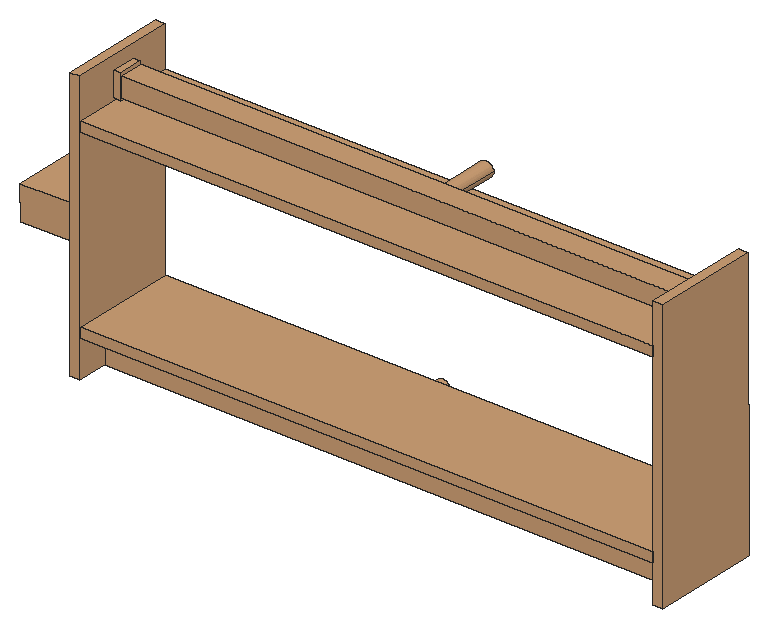
Revit family
Parameters
  Center Of Unit = 0' - 0"  # constant formula
  Water Pressure Drop [instance] = 0.00 psi
  Water Flow [instance] = 0 GPM
  Unit Weight (lbs) = 908
  URL = "http://www.ljwing.com/"
  Water Outlet Radius = 0' - 1 1/2"
  Water Outlet Odd sizes = 0' - 5 23/64"
  Total Heating Capacity [instance] = 0.0 Btu/h
  Temperature Rise [instance] = 0 °F
  Series = "VIFB"
  Outlet Area = 29.50 SF
  Number of Rows = 1  # constant formula
  Number of Coils [instance] = 0
  Nominal Length = 10' - 1 29/32"
  Model = "VB-11"
  Manufacturer = "LJ Wing"
  Leaving Water Temperature [instance] = 0 °F
  Leaving Air Temperature [instance] = 0 °F
  Face Velocity (FPM) [instance] = 0
  Entering Water Temperature [instance] = 0 °F
  Entering Air Temperature [instance] = 0 °F
  Description = "Vertical Integral Face & Bypass Water Heating Coils"
  Hot Water Odd Sizes = 0' - 5 23/64"
  Hot Water Inlet Offset = 0' - 4 3/8"  # constant formula
  Hot Water Inlet  Radius = 0' - 1 1/2"
  Coil Face Area = Outlet Area * 0.56  # 16.52 SF
  Casing Material = ""
  Assembly Code = "D3020300"
  Air Pressure Drop [instance] = 0.00 in-wg
  Air Inlet Width = Nominal Length - 0' 4"  # 9' - 9 29/32"
  Air Inlet Height = Y  # 3' - 0"
  Air Flow [instance] = 0 CFM
  Z = 0' - 2 1/8"
  Y = 3' - 0"
  S = 0' - 9 3/4"
  Product URL = "http://www.ljwing.com/html/vifb.asp"
  OmniClass = "23-75 70 21 14"
  Nominal Height = 4' - 8"
  Nominal Depth = 1' - 10"
  R = 0' - 10 1/4"
  Q = 0' - 3 61/64"
  P = 0' - 5 1/8"
  L = 0' - 5 15/16"
Reference planes (in)
  plane 1 "Center (Front/Back)": y = 0
  plane 2: z = -18
  plane 3 "Center (Left/Right)": x = 0
  plane 4: z = 28.25
  plane 5: x = -60.95312
  plane 6: x = 60.95313
  plane 7: z = -27.75
  plane 8: z = 0
  plane 9: y = -11
  plane 10: y = 11
  plane 11: z = 18
  plane 12: z = 20
  plane 13: z = -20
  plane 14: x = 58.95313
  plane 15: x = -58.95313
  plane 16: z = 23.125
  plane 17: z = -21.8125
  plane 18: x = -57
  plane 19: x = 57
  plane 20: y = 13.125
  plane 21: y = 15.375
  plane 22: x = -71.95313
  plane 23: x = 5.35938
  plane 24: x = -5.35937
  plane 25: z = 25.125
  plane 26: z = 21.125
  plane 27: y = -2.5
  plane 28: y = 2.5
  plane 29: y = -4.5
Forms (in)
  Extrusion 1, solid, material "Painted Finish"
    sketch origin (0, 6, -9.75) x (1, 0, 0) y (0, 0, 1)
      loop
        line (-60.95312, -18) -> (-58.95313, -18) -> (-58.95313, 38) -> (-60.95312, 38) -> (-60.95312, -18)
      loop
        line (60.95313, -18) -> (60.95313, 38) -> (58.95313, 38) -> (58.95313, -18) -> (60.95313, -18)
    from -5 to 17
  Extrusion 2, solid, material "Painted Finish"
    sketch origin (0, 6, 0) x (1, 0, 0) y (0, 0, 1)
      loop
        line (58.95313, -18) -> (-58.95313, -18) -> (-58.95313, -20) -> (58.95313, -20) -> (58.95313, -18)
      loop
        line (58.95313, 18) -> (58.95313, 20) -> (-58.95313, 20) -> (-58.95313, 18) -> (58.95313, 18)
    from -5 to 17
  Extrusion 3, solid, material "Painted Finish"
    sketch origin (0, 10, -0.5) x (1, 0, 0) y (0, 0, 1)
      loop
        line (-60.95312, 4) -> (-71.95313, 4) -> (-71.95313, -3) -> (-60.95312, -3) -> (-60.95312, 4)
    from 0 to 20
  Extrusion 4, solid, material "Painted Finish"
    sketch origin (0, 6, 0) x (1, 0, 0) y (0, 0, 1)
      loop
        line (-57.32813, 25.125) -> (-57.32813, 21.125) -> (57.32813, 21.125) -> (57.32813, 25.125) -> (-57.32813, 25.125)
    from 3.5 to 8.5
  Extrusion 5, solid, material "Painted Finish"
    sketch origin (0, 0, 0) x (1, 0, 0) y (0, 0, 1)
      loop
        line (-57.32813, 20.625) -> (-57.32813, 25.625) -> (-58.95313, 25.625) -> (-58.95313, 20.625) -> (-57.32813, 20.625)
      loop
        line (58.95313, 20.625) -> (58.95313, 25.625) -> (57.32813, 25.625) -> (57.32813, 20.625) -> (58.95313, 20.625)
    from -2.5 to 2.5
  Extrusion 6, solid, material "Painted Finish"
    sketch origin (0, 23, 0) x (1, 0, 0) y (0, 0, 1)
      loop
        circle (5.35938, 23.125) r 1.5
    from 9.875 to 20.5
  Extrusion 7, solid, material "Painted Finish"
    sketch origin (0, 6, 0) x (1, 0, 0) y (0, 0, 1)
      loop
        line (-58.95313, -20) -> (-58.95313, -27.75) -> (58.95313, -27.75) -> (58.95313, -20) -> (-58.95313, -20)
    from -5 to 10.5
  Extrusion 8, solid, material "Painted Finish"
    sketch origin (0, 23, 0) x (1, 0, 0) y (0, 0, 1)
      loop
        circle (-5.35937, -21.8125) r 1.5
    from 7.625 to 12
  Extrusion 9, void
    sketch origin (0, 0, 0) x (1, 0, 0) y (0, 0, 1)
      loop
        line (-58.95313, 18) -> (-58.95313, -18) -> (58.95313, -18) -> (58.95313, 18) -> (-58.95313, 18)
    from -11 to 11
Cuts and joins
  Extrusion 9 cuts Extrusion 1
  Extrusion 9 cuts Extrusion 2
Dimensions and locks (in)
  "Nominal Length": plane 6 to plane 5
  equal spacing: plane 6, plane 3 "Center (Left/Right)", plane 5
  "S": plane 2 to plane 7
  "Nominal Depth": plane 10 to plane 9
  equal spacing: plane 10, plane 1 "Center (Front/Back)", plane 9
  "Y": plane 11 to plane 2
  "R": plane 4 to plane 11
  locked: plane 12 to plane 11 at 2
  locked: plane 2 to plane 13 at 2
  "P": plane 4 to plane 16
  "L": plane 17 to plane 7
  "Q": plane 18 to plane 5
  "Q": plane 6 to plane 19
  "Z": plane 20 to plane 10
  "Hot Water Inlet Offset": plane 21 to plane 10
  locked: plane 5 to plane 22 at 11
  locked: Extrusion 3 sketch curve to Extrusion 3 sketch curve at 7
  locked: Extrusion 3 to Extrusion 3 at 20
  locked: plane 6 to plane 14 at 2
  locked: plane 15 to plane 5 at 2
  "Water Outlet Odd sizes": plane 23 to plane 3 "Center (Left/Right)"
  "Hot Water Odd Sizes": plane 3 "Center (Left/Right)" to plane 24
  equal spacing: plane 25, plane 16, plane 26
  locked: Extrusion 5 sketch curve to plane 25 at 0.5
  locked: plane 26 to Extrusion 5 sketch curve at 0.5
  locked: Extrusion 6 sketch curve to plane 16 at 0
  locked: Extrusion 6 sketch curve to plane 23 at 0
  locked: Extrusion 8 sketch curve to plane 17 at 0
  locked: Extrusion 8 sketch curve to plane 24 at 0
  locked: plane 25 to plane 26 at 4
  locked: plane 28 to plane 27 at 5
  equal spacing: plane 28, plane 1 "Center (Front/Back)", plane 27
  locked: plane 27 to plane 29 at 2
  plane 4 to plane 7 = 4' - 8"
  locked: Extrusion 5 sketch curve to Extrusion 1 at 1.625
  locked: Extrusion 5 sketch curve to Extrusion 5 sketch curve at 1.625
  locked: Extrusion 9 sketch curve to plane 11 at 0
  locked: Extrusion 9 sketch curve to plane 15 at 0
  locked: Extrusion 9 sketch curve to plane 14 at 0
  locked: Extrusion 9 sketch curve to plane 2 at 0
  equal spacing: plane 11, plane 8, plane 2
  "Water Outlet Radius": radius of Extrusion 6 sketch curve
  "Hot Water Inlet  Radius": radius of Extrusion 8 sketch curve
  aligned and locked: Extrusion 1 to plane 9
  aligned and locked: Extrusion 1 to plane 10
  aligned and locked: plane 15 to Extrusion 1
  aligned and locked: Extrusion 1 to plane 14
  aligned and locked: plane 9 to Extrusion 2
  aligned and locked: plane 9 to Extrusion 1
  aligned and locked: plane 10 to Extrusion 1  (x2)
  aligned and locked: Extrusion 2 to plane 10
  aligned and locked: plane 10 to Extrusion 2  (x2)
  aligned and locked: Extrusion 2 to plane 9  (x2)
  aligned and locked: plane 5 to Extrusion 3
  aligned and locked: Extrusion 5 sketch curve to plane 15
  aligned and locked: Extrusion 5 sketch curve to Extrusion 4
  aligned and locked: Extrusion 6 to plane 20
  aligned and locked: Extrusion 1 to Extrusion 7
  aligned and locked: plane 10 to Extrusion 8
  aligned and locked: Extrusion 8 to plane 21  (x2)
  aligned and locked: plane 27 to Extrusion 5
  aligned and locked: Extrusion 5 to Extrusion 4  (x2)
  aligned and locked: Extrusion 5 to plane 28
  aligned and locked: Extrusion 6 to Extrusion 4
  aligned and locked: Extrusion 7 to plane 29  (x2)
  aligned and locked: Extrusion 8 to Extrusion 7
  aligned and locked: Extrusion 4 to Extrusion 5  (x2)
  aligned and locked: Extrusion 5 to Extrusion 1  (x2)
  aligned and locked: plane 2 to Extrusion 2
  aligned and locked: plane 6 to Extrusion 1 sketch curve
  aligned and locked: plane 14 to Extrusion 1 sketch curve
  aligned and locked: Extrusion 1 sketch curve to plane 15
  aligned and locked: Extrusion 1 sketch curve to plane 5
  aligned and locked: plane 7 to Extrusion 1 sketch curve
  aligned and locked: Extrusion 1 sketch curve to plane 7
  aligned and locked: Extrusion 1 sketch curve to plane 4  (x2)
  aligned and locked: Extrusion 2 sketch curve to plane 11
  aligned and locked: Extrusion 2 sketch curve to plane 12
  aligned and locked: Extrusion 2 sketch curve to plane 14  (x2)
  aligned and locked: Extrusion 2 sketch curve to plane 15  (x2)
  aligned and locked: Extrusion 2 sketch curve to plane 13
  aligned and locked: plane 2 to Extrusion 2 sketch curve
  aligned and locked: plane 13 to Extrusion 7 sketch curve
  aligned and locked: Extrusion 7 sketch curve to plane 7
  aligned and locked: Extrusion 7 sketch curve to plane 14
  aligned and locked: plane 15 to Extrusion 7 sketch curve
  aligned and locked: cut or joined group of Extrusion 1, Extrusion 9 to plane 10
Automatic sketch dimensions
  Extrusion 3 sketch curve to plane 22 = 0' - 0"
  Extrusion 3 sketch curve to plane 5 = 0' - 0"
  plane 8 to Extrusion 3 sketch curve = 0' - 3 1/2"
  Extrusion 4 sketch curve to plane 25 = 0' - 0"
  Extrusion 4 sketch curve to plane 26 = 0' - 0"
  Extrusion 4 sketch curve to plane 18 = 0' - 0 21/64"
  plane 19 to Extrusion 4 sketch curve = 0' - 0 21/64"
  plane 26 to Extrusion 5 sketch curve = 0' - 0 1/2"
  Extrusion 5 sketch curve to plane 25 = 0' - 0 1/2"
Connectors (in)
  hvac at (0, -11, 0), driven by "Air Inlet Height", driven by "Air Inlet Width", driven by "Air Flow", driven by "Air Pressure Drop"
    settings: on Extrusion 9, index 1
  hvac at (0, 11, 0), driven by "Air Pressure Drop", driven by "Air Inlet Height", driven by "Air Inlet Width", driven by "Air Flow"
    settings: on Extrusion 9, index 2
  piping at (5.35938, 13.125, 23.125), driven by "Water Flow", driven by "Water Outlet Radius", driven by "Water Pressure Drop"
    settings: on Extrusion 6, index 3
  piping at (-5.35937, 15.375, -21.8125), driven by "Water Flow", driven by "Water Pressure Drop", driven by "Hot Water Inlet  Radius"
    settings: on Extrusion 8, index 4
